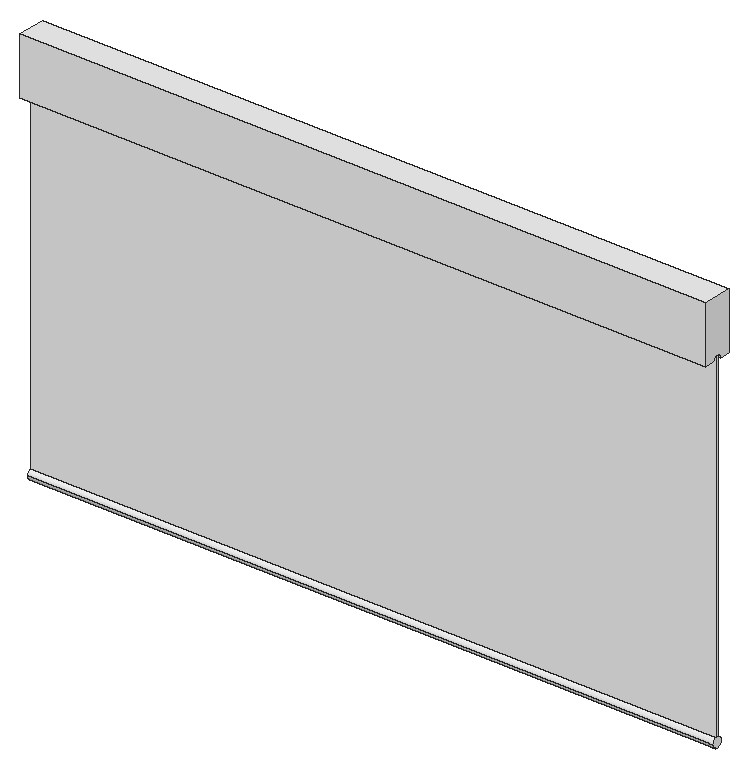
Revit family
Parameters
  XDim1 = 0.5 * Case Width  # 0' - 1 1/2"
  URL = "www.DPlusP.com"
  Screen Width [instance] = 6' - 0"
  Screen Height [instance] = 8' - 0"
  Manufacturer = "Jeffrey P. Fazzone"
  Housing Material = Default
  Drop Screen [instance] = 3' - 0"
  Case Width = 0' - 3"
  Case Height = 0' - 6"
Reference planes (in)
  plane 1 "Center (Front/Back)": y = 0
  plane 2: z = 0
  plane 3 "Center (Left/Right)": x = 0
  plane 4: z = 96
  plane 5: z = 90
  plane 6: y = -3
  plane 7: x = -36
  plane 8: x = 36
  plane 9: z = 90.5
  plane 10: z = 54
  plane 11: z = 54.5
  plane 12: y = -1.5
  plane 13: y = -1.4375
  plane 14: y = -1.5625
  plane 15: z = 108
  plane 16: y = -1
  plane 17: y = -2
Forms (in)
  Extrusion 1, solid, material "Default" <- "Housing Material"
    sketch origin (0, 0, 0) x (0, 1, 0) y (0, 0, 1)
      loop
        line (0, 96) -> (-3, 96) -> (-3, 90) -> (-2, 90)
        arc (-2, 90) -> (-1.5, 90.5) -> (-1, 90) r 0.5
        line (-1, 90) -> (0, 90) -> (0, 96)
    from -36 to 36
  Extrusion 2, solid, material "Default" <- "Housing Material"
    sketch origin (0, 0, 0) x (0, 1, 0) y (0, 0, 1)
      loop
        circle (-1.5, 54) r 0.5
    from -36 to 36
  Extrusion 3, solid, material "Screen"
    sketch origin (0, 0, 0) x (0, 1, 0) y (0, 0, 1)
      loop
        line (-1.4375, 54.5) -> (-1.4375, 90.5) -> (-1.5625, 90.5) -> (-1.5625, 54.5) -> (-1.4375, 54.5)
    from -36 to 36
Lines and regions (in)
  symbolic lines
    curve 1: line (-10, 0, 0) -> (-10, 0, 108)
    curve 2: line (-36, -3, 0) -> (36, -3, 0)
    curve 3: line (-36, 0, 0) -> (-36, -3, 0)
    curve 4: line (36, 0, 0) -> (-36, 0, 0)
    curve 5: line (36, -3, 0) -> (36, 0, 0)
Dimensions and locks (in)
  "Case Height": plane 4 to plane 5
  "Case Width": plane 1 "Center (Front/Back)" to plane 6
  equal spacing: plane 7, plane 3 "Center (Left/Right)", plane 8
  "Screen Width": plane 7 to plane 8
  "Screen Height": plane 4 to level
  "Drop Screen": plane 5 to plane 10
  locked: plane 12 to plane 14 at 0.0625
  locked: plane 13 to plane 12 at 0.0625
  locked: plane 15 to plane 4 at 12
  plane 16 to plane 12 to plane 17 = 0' - 0 1/2" locked, 0' - 0 1/2" locked
  locked: plane 9 to plane 5 at 0.5
  "XDim1": plane 1 "Center (Front/Back)" to plane 12
  locked: plane 11 to plane 10 at 0.5
  aligned and locked: Extrusion 1 sketch curve to plane 4
  aligned and locked: plane 6 to Extrusion 1 sketch curve
  aligned and locked: plane 5 to Extrusion 1 sketch curve  (x2)
  aligned and locked: plane 1 "Center (Front/Back)" to Extrusion 1 sketch curve
  aligned and locked: plane 7 to Extrusion 1
  aligned and locked: Extrusion 1 to plane 8
  aligned and locked: Extrusion 2 to plane 8
  aligned and locked: plane 7 to Extrusion 2
  aligned and locked: Extrusion 3 sketch curve to plane 11
  aligned and locked: plane 9 to Extrusion 3 sketch curve
  aligned and locked: Extrusion 3 sketch curve to plane 14
  aligned and locked: Extrusion 3 sketch curve to plane 13
  aligned and locked: Extrusion 3 to plane 8
  aligned and locked: plane 7 to Extrusion 3
  aligned and locked: level to curve 1
  aligned and locked: plane 15 to curve 1
  aligned and locked: curve 2 to plane 6
  aligned and locked: Extrusion 1 to plane 1 "Center (Front/Back)"
  aligned and locked: plane 7 to curve 3
  aligned and locked: curve 5 to plane 8
  aligned and locked: plane 17 to Extrusion 1 sketch curve
  aligned and locked: Extrusion 2 sketch curve to plane 17
  aligned and locked: Extrusion 2 sketch curve to plane 16
Automatic sketch dimensions
  curve 1 to plane 3 "Center (Left/Right)" = 0' - 10"
  curve 4 to plane 1 "Center (Front/Back)" = 0' - 0"
  Extrusion 1 sketch curve to plane 12 = 0' - 0"
  Extrusion 2 sketch curve to plane 10 = 0' - 0"
